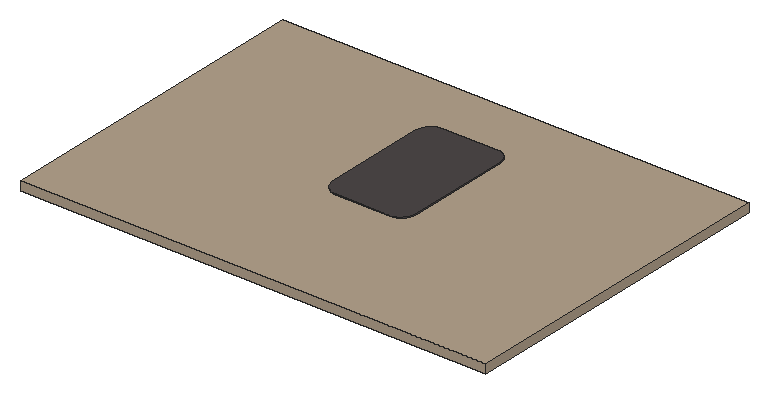
Revit family "console with cutout for bowl with tap hole", category Furniture, Revit 2019 (continued)
Types (40, lengths in mm): name | WEIGHT | SURFACE | SPECIFICATION | PRODUCTURL | PERMALINK | NB | NAME | Model | MIdent | LODLEVEL | LL | LINA | L | GTINCODE | Console 980_550 with cutout in the middle for bowl with tap hole-54121910-DIAMOND_GREY-400_RX0RY0RZ0TX0TY0TZ0_V | Console 980_550 with cutout in the middle for bowl with tap hole-54121910-DIAMOND_GREY-200_RX0RY0RZ0TX0TY0TZ0_V | Console 980_550 with cutout in the middle for bowl with tap hole-54121630-DARK_WALNUT-400_RX0RY0RZ0TX0TY0TZ0_V | Console 980_550 with cutout in the middle for bowl with tap hole-54121630-DARK_WALNUT-200_RX0RY0RZ0TX0TY0TZ0_V | Console 980_550 with cutout in the middle for bowl with tap hole-54121230-GLOSSY_WHITE-400_RX0RY0RZ0TX0TY0TZ0_V | Console 980_550 with cutout in the middle for bowl with tap hole-54121230-GLOSSY_WHITE-200_RX0RY0RZ0TX0TY0TZ0_V | Console 980_550 with cutout in the middle for bowl with tap hole-54121050-NATURAL_OAK-400_RX0RY0RZ0TX0TY0TZ0_V | Console 980_550 with cutout in the middle for bowl with tap hole-54121050-NATURAL_OAK-200_RX0RY0RZ0TX0TY0TZ0_V | Console 780_550 with cutout in the middle for bowls with tap hole-54120910-GLOSSY_WHITE-400_RX0RY0RZ0TX0TY0TZ0_V | Console 780_550 with cutout in the middle for bowls with tap hole-54120910-GLOSSY_WHITE-200_RX0RY0RZ0TX0TY0TZ0_V | Console 780_550 with cutout in the middle for bowls with tap hole-54120630-NATURAL_OAK-400_RX0RY0RZ0TX0TY0TZ0_V | Console 780_550 with cutout in the middle for bowls with tap hole-54120630-NATURAL_OAK-200_RX0RY0RZ0TX0TY0TZ0_V | Console 780_550 with cutout in the middle for bowls with tap hole-54120230-DIAMOND_GREY-400_RX0RY0RZ0TX0TY0TZ0_V | Console 780_550 with cutout in the middle for bowls with tap hole-54120230-DIAMOND_GREY-200_RX0RY0RZ0TX0TY0TZ0_V | Console 780_550 with cutout in the middle for bowls with tap hole-54120050-DARK_WALNUT-400_RX0RY0RZ0TX0TY0TZ0_V | Console 780_550 with cutout in the middle for bowls with tap hole-54120050-DARK_WALNUT-200_RX0RY0RZ0TX0TY0TZ0_V | Console 1360_550 with cutout right for bowl with tap hole-54124910-GLOSSY_WHITE-400_RX0RY0RZ0TX0TY0TZ0_V | Console 1360_550 with cutout right for bowl with tap hole-54124910-GLOSSY_WHITE-200_RX0RY0RZ0TX0TY0TZ0_V | Console 1360_550 with cutout right for bowl with tap hole-54124630-DARK_WALNUT-400_RX0RY0RZ0TX0TY0TZ0_V | Console 1360_550 with cutout right for bowl with tap hole-54124630-DARK_WALNUT-200_RX0RY0RZ0TX0TY0TZ0_V | Console 1360_550 with cutout right for bowl with tap hole-54124230-DIAMOND_GREY-400_RX0RY0RZ0TX0TY0TZ0_V | Console 1360_550 with cutout right for bowl with tap hole-54124230-DIAMOND_GREY-200_RX0RY0RZ0TX0TY0TZ0_V | Console 1360_550 with cutout right for bowl with tap hole-54124050-NATURAL_OAK-400_RX0RY0RZ0TX0TY0TZ0_V | Console 1360_550 with cutout right for bowl with tap hole-54124050-NATURAL_OAK-200_RX0RY0RZ0TX0TY0TZ0_V | Console 1360_550 with cutout left for bowl with tap hole-54123910-DARK_WALNUT-400_RX0RY0RZ0TX0TY0TZ0_V | Console 1360_550 with cutout left for bowl with tap hole-54123910-DARK_WALNUT-200_RX0RY0RZ0TX0TY0TZ0_V | Console 1360_550 with cutout left for bowl with tap hole-54123630-DIAMOND_GREY-400_RX0RY0RZ0TX0TY0TZ0_V | Console 1360_550 with cutout left for bowl with tap hole-54123630-DIAMOND_GREY-200_RX0RY0RZ0TX0TY0TZ0_V | Console 1360_550 with cutout left for bowl with tap hole-54123230-NATURAL_OAK-400_RX0RY0RZ0TX0TY0TZ0_V | Console 1360_550 with cutout left for bowl with tap hole-54123230-NATURAL_OAK-200_RX0RY0RZ0TX0TY0TZ0_V | Console 1360_550 with cutout left for bowl with tap hole-54123050-GLOSSY_WHITE-400_RX0RY0RZ0TX0TY0TZ0_V | Console 1360_550 with cutout left for bowl with tap hole-54123050-GLOSSY_WHITE-200_RX0RY0RZ0TX0TY0TZ0_V | Console 1180_550 with cutout in the middle for bowl with tap hole-54122910-DIAMOND_GREY-400_RX0RY0RZ0TX0TY0TZ0_V | Console 1180_550 with cutout in the middle for bowl with tap hole-54122910-DIAMOND_GREY-200_RX0RY0RZ0TX0TY0TZ0_V | Console 1180_550 with cutout in the middle for bowl with tap hole-54122630-DARK_WALNUT-400_RX0RY0RZ0TX0TY0TZ0_V | Console 1180_550 with cutout in the middle for bowl with tap hole-54122630-DARK_WALNUT-200_RX0RY0RZ0TX0TY0TZ0_V | Console 1180_550 with cutout in the middle for bowl with tap hole-54122230-NATURAL_OAK-400_RX0RY0RZ0TX0TY0TZ0_V | Console 1180_550 with cutout in the middle for bowl with tap hole-54122230-NATURAL_OAK-200_RX0RY0RZ0TX0TY0TZ0_V | Console 1180_550 with cutout in the middle for bowl with tap hole-54122050-GLOSSY_WHITE-400_RX0RY0RZ0TX0TY0TZ0_V | Console 1180_550 with cutout in the middle for bowl with tap hole-54122050-GLOSSY_WHITE-200_RX0RY0RZ0TX0TY0TZ0_V | BASENUMBER | ARTNR
  Console 980_550 with cutout in the middle for bowl with tap hole-54121910-DIAMOND_GREY-200 | "13.2" | "DIAMOND_GREY" | "Surfaces:    - 54121050 High Gloss White  - 54121910 Diamond Matt Grey  - 54121230 Natural Oak  - 54121630 Dark Walnut      Specification:" | "https://pro.hansgrohe.com/articledetail--54121050" | "54121XXX" | "Console 980/550 with cutout in the middle for bowl with tap hole-54121910-DIAMOND_GREY-200" | "Xelu Q Console 980/550 with cutout in the middle for bowl with tap hole" | "Console 980/550 with cutout in the middle for bowl with tap hole-54121910-DIAMOND_GREY-200" | "{$CADENAS_DATA/23d-libs/hansgrohe/xelu_furniture/console_with_cutout_for_bowl_with_tap_hole/console_with_cutout_for_bowl_with_taphole.prj},364 {VTYP=3D},{NB=Console 980/550 with cutout in the middle for bowl with tap hole-54121910-DIAMOND_GREY-200},{LINA=Console 980/550 with cutout in the middle for bowl with tap hole-54121910-DIAMOND_GREY-200},{NN=Console with cutout for bowl with tap hole},{DATE=10.03.2023 08:04:15},{GEOMDATE=08.03.2023 13:10:06},{VERSION=},{LINEID=70},{WBVAR=LODLEVEL},{WBNUMERIC=}  {NB=Console 980/550 with cutout in the middle for bowl with tap hole-54121910-DIAMOND_GREY-200},{LINA=Console 980/550 with cutout in the middle for bowl with tap hole-54121910-DIAMOND_GREY-200},{KT=DUMMY},{IDNR=7},{ARTNR=54121910},{BASENUMBER=Console 980/550 with cutout in the middle for bowl with tap hole},{MODEL=54121XXX},{SURFACE=DIAMOND_GREY},{L=980},{LODLEVEL=200},{LODLEVELX='400','400','200','200'},{L1=140},{LL=490},{NAME=Xelu Q Console 980/550 with cutout in the middle for bowl with tap hole},{PERMALINK=54121XXX},{OBJECTTYPE=Object (single object)},{BIMOBJECT=Sanitary: Compound units},{PRODUCTFAMILY=Xelu Q},{PRODUCTGROUP=console},{WEIGHT=13.2},{DESCRIPTION=Xelu Q Console 980/550 with cutout in the middle for bowl with tap hole},{SPECIFICATION=Surfaces:    - 54121050 High Gloss White  - 54121910 Diamond Matt Grey  - 54121230 Natural Oak  - 54121630 Dark Walnut      Specification:},{PRODUCTURL=https://pro.hansgrohe.com/articledetail--54121050},{GTINCODE=4059625458013},{TENDERURL=},{IFC=Furnishing element},{ETIM=EC011381 | Bathroom furniture set},{UNICLASS2015=Pr_40_20_76_94 | Vanity units},{OMNICLASS=23-19 31 17 11 | Bathroom Units},{MASTERFORMAT=12 35 30.23 | Bathroom Casework},{UNSPSC=56 | Furniture and Furnishings},{UNIFORMATII=E2010 | Fixed Furnishings},{REGIONSET=Worldwide},{DESIGN=Germany},{MANUFACTURER=Germany}" | "200" | 490 | "Console 980/550 with cutout in the middle for bowl with tap hole-54121910-DIAMOND_GREY-200" | 980 | "4059625458013" | no | yes | no | no | no | no | no | no | no | no | no | no | no | no | no | no | no | no | no | no | no | no | no | no | no | no | no | no | no | no | no | no | no | no | no | no | no | no | no | no | "Console 980/550 with cutout in the middle for bowl with tap hole" | "54121910"
  Console 980_550 with cutout in the middle for bowl with tap hole-54121910-DIAMOND_GREY-400 | "13.2" | "DIAMOND_GREY" | "Surfaces:    - 54121050 High Gloss White  - 54121910 Diamond Matt Grey  - 54121230 Natural Oak  - 54121630 Dark Walnut      Specification:" | "https://pro.hansgrohe.com/articledetail--54121050" | "54121XXX" | "Console 980/550 with cutout in the middle for bowl with tap hole-54121910-DIAMOND_GREY-400" | "Xelu Q Console 980/550 with cutout in the middle for bowl with tap hole" | "Console 980/550 with cutout in the middle for bowl with tap hole-54121910-DIAMOND_GREY-400" | "{$CADENAS_DATA/23d-libs/hansgrohe/xelu_furniture/console_with_cutout_for_bowl_with_tap_hole/console_with_cutout_for_bowl_with_taphole.prj},364 {VTYP=3D},{NB=Console 980/550 with cutout in the middle for bowl with tap hole-54121910-DIAMOND_GREY-400},{LINA=Console 980/550 with cutout in the middle for bowl with tap hole-54121910-DIAMOND_GREY-400},{NN=Console with cutout for bowl with tap hole},{DATE=10.03.2023 08:04:15},{GEOMDATE=08.03.2023 13:10:06},{VERSION=},{LINEID=70},{WBVAR=LODLEVEL},{WBNUMERIC=}  {NB=Console 980/550 with cutout in the middle for bowl with tap hole-54121910-DIAMOND_GREY-400},{LINA=Console 980/550 with cutout in the middle for bowl with tap hole-54121910-DIAMOND_GREY-400},{KT=DUMMY},{IDNR=7},{ARTNR=54121910},{BASENUMBER=Console 980/550 with cutout in the middle for bowl with tap hole},{MODEL=54121XXX},{SURFACE=DIAMOND_GREY},{L=980},{LODLEVEL=400},{LODLEVELX='400','400','200','200'},{L1=140},{LL=490},{NAME=Xelu Q Console 980/550 with cutout in the middle for bowl with tap hole},{PERMALINK=54121XXX},{OBJECTTYPE=Object (single object)},{BIMOBJECT=Sanitary: Compound units},{PRODUCTFAMILY=Xelu Q},{PRODUCTGROUP=console},{WEIGHT=13.2},{DESCRIPTION=Xelu Q Console 980/550 with cutout in the middle for bowl with tap hole},{SPECIFICATION=Surfaces:    - 54121050 High Gloss White  - 54121910 Diamond Matt Grey  - 54121230 Natural Oak  - 54121630 Dark Walnut      Specification:},{PRODUCTURL=https://pro.hansgrohe.com/articledetail--54121050},{GTINCODE=4059625458013},{TENDERURL=},{IFC=Furnishing element},{ETIM=EC011381 | Bathroom furniture set},{UNICLASS2015=Pr_40_20_76_94 | Vanity units},{OMNICLASS=23-19 31 17 11 | Bathroom Units},{MASTERFORMAT=12 35 30.23 | Bathroom Casework},{UNSPSC=56 | Furniture and Furnishings},{UNIFORMATII=E2010 | Fixed Furnishings},{REGIONSET=Worldwide},{DESIGN=Germany},{MANUFACTURER=Germany}" | "400" | 490 | "Console 980/550 with cutout in the middle for bowl with tap hole-54121910-DIAMOND_GREY-400" | 980 | "4059625458013" | yes | no | no | no | no | no | no | no | no | no | no | no | no | no | no | no | no | no | no | no | no | no | no | no | no | no | no | no | no | no | no | no | no | no | no | no | no | no | no | no | "Console 980/550 with cutout in the middle for bowl with tap hole" | "54121910"
